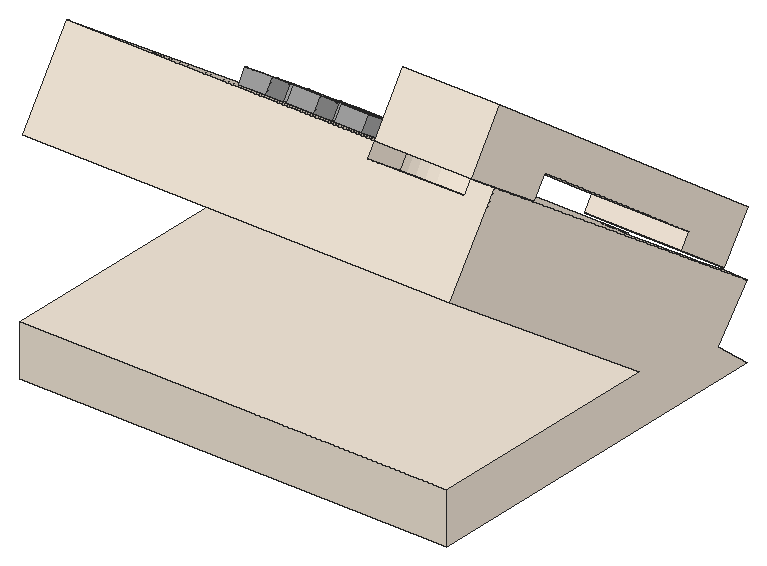
Revit family
Parameters
  Keynote = "N"
  Assembly Code = "D5030300"
Reference planes
  plane 1 "Center F/B": y = 158.496
  plane 2: z = 0
  plane 3 "Center L/R": x = -247.381
Forms (mm)
  Extrusion 1, solid, material "Plastic - White"
    sketch origin (-247.381, 0, 0) x (0, 1, 0) y (0, 0, 1)
      loop
        line (113.146, 0) -> (310.896, 0) -> (291.439, 16.327) -> (310.896, 39.515) -> (144.445, 156.066) -> (115.307, 114.453) -> (240.146, 27.04) -> (113.146, 27.04) -> (113.146, 0)
    from -112.713 to 112.713
  Extrusion 2, solid, material "Plastic - Gray,Dark"
    sketch origin (-134.1, 373.316, -4.191) x (-1, 0, 0) y (0, -0.819152, 0.573576)
      loop
        line (121.002, 127.545) -> (121.002, 113.152) -> (135.289, 113.152) -> (135.289, 127.545) -> (121.002, 127.545)
      loop
        line (146.402, 127.545) -> (146.402, 113.152) -> (160.689, 113.152) -> (160.689, 127.545) -> (146.402, 127.545)
      loop
        line (171.802, 127.545) -> (171.802, 113.152) -> (186.089, 113.152) -> (186.089, 127.545) -> (171.802, 127.545)
      loop
        line (121.002, 152.545) -> (121.002, 138.152) -> (135.289, 138.152) -> (135.289, 152.545) -> (121.002, 152.545)
      loop
        line (146.402, 152.545) -> (146.402, 138.152) -> (160.689, 138.152) -> (160.689, 152.545) -> (146.402, 152.545)
      loop
        line (171.802, 152.545) -> (171.802, 138.152) -> (186.089, 138.152) -> (186.089, 152.545) -> (171.802, 152.545)
      loop
        line (121.002, 177.545) -> (121.002, 163.152) -> (135.289, 163.152) -> (135.289, 177.545) -> (121.002, 177.545)
      loop
        line (146.402, 177.545) -> (146.402, 163.152) -> (160.689, 163.152) -> (160.689, 177.545) -> (146.402, 177.545)
      loop
        line (171.802, 177.545) -> (171.802, 163.152) -> (186.089, 163.152) -> (186.089, 177.545) -> (171.802, 177.545)
      loop
        line (121.002, 202.545) -> (121.002, 188.152) -> (135.289, 188.152) -> (135.289, 202.545) -> (121.002, 202.545)
      loop
        line (146.402, 202.545) -> (146.402, 188.152) -> (160.689, 188.152) -> (160.689, 202.545) -> (146.402, 202.545)
      loop
        line (171.802, 202.545) -> (171.802, 188.152) -> (186.089, 188.152) -> (186.089, 202.545) -> (171.802, 202.545)
    from 0 to 7.937
  Extrusion 3, void
    sketch origin (-134.669, 310.896, 39.515) x (-1, 0, 0) y (0, -0.819152, 0.573576)
      loop
        line (90.945, 179.516) -> (90.945, 154.116) -> (195.596, 154.116) -> (195.596, 179.516) -> (90.945, 179.516)
    from 0 to -7.938
  Extrusion 4, void
    sketch origin (-134.669, 310.896, 39.515) x (-1, 0, 0) y (0, -0.819152, 0.573576)
      loop
        line (12.275, 203.2) -> (12.275, 177.8)
        arc (12.275, 177.8) -> (37.675, 152.4) -> (63.075, 177.8) r 25.4
        line (63.075, 177.8) -> (63.075, 203.2) -> (12.275, 203.2)
    from 0 to -7.938
  Extrusion 5, void
    sketch origin (-134.669, 310.896, 39.515) x (-1, 0, 0) y (0, -0.819152, 0.573576)
      loop
        line (12.275, -2.565) -> (63.075, -2.565) -> (63.075, 19.05)
        arc (63.075, 19.05) -> (37.675, 37.57) -> (12.275, 19.05) r 26.678
        line (12.275, 19.05) -> (12.275, -2.565)
    from -7.938 to 0
  Extrusion 6, solid, material "Plastic - White"
    sketch origin (-247.381, 0.11, -2.387) x (0, 1, 0) y (0, 0, 1)
      loop
        line (185.405, 129.695) -> (192.686, 140.092) -> (287.552, 70.458) -> (282.532, 63.62) -> (310.313, 43.229) -> (326.301, 65.01) -> (162.889, 184.953) -> (144.334, 158.454) -> (185.405, 129.695)
    from 49.638 to 100.806
Cuts and joins
  Extrusion 3, Extrusion 4, Extrusion 5 cuts Extrusion 1
